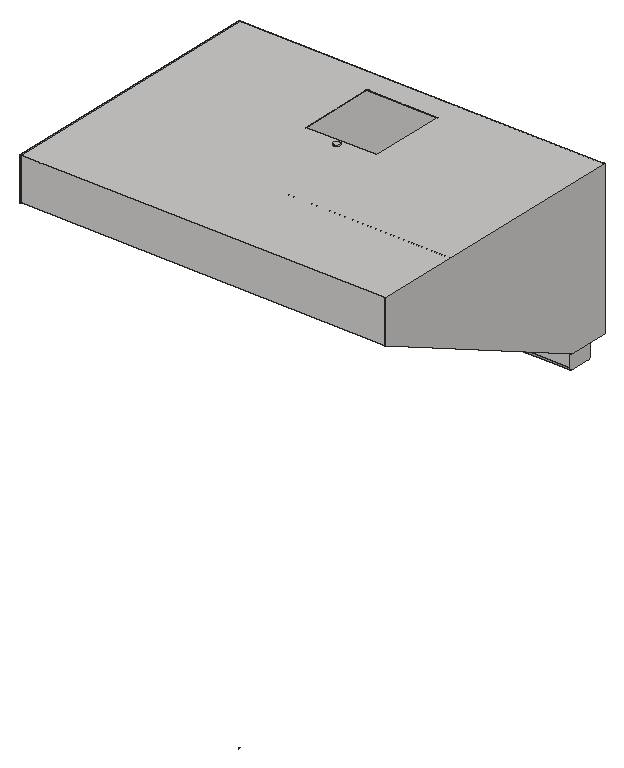
Revit family "QF_ELECTROLUXPROFESSIONAL_644183_AMPV912BT", category Specialty Equipment, Revit 2014
Reference planes
  plane 1: z = 0
  plane 2 "Center (Left/Right)": x = 150
  plane 3 "LEFT": x = -450
  plane 4 "RIGHT": x = 750
  plane 5 "BACK": y = 550
  plane 6 "Plane": z = 2000
  plane 7 "TOP": z = 2140
  plane 8 "Base": z = 1640
  plane 9: z = 1566
  plane 10 "DrainY": y = 485
  plane 11: x = -447
  plane 12: through (0, 414.509, 1640.8) normal (0, 0.7314, 0.682)
  plane 13: y = 470
  plane 14: y = 220
  plane 15 "DrainX": x = 630
  plane 16: x = 33.5
  plane 17: x = 266.5
  plane 18: x = 747
  plane 19: x = 540
  plane 20: x = 720
  plane 21: x = -410
  plane 22: x = 710
  plane 23: x = -47.5
  plane 24: x = 347.5
  plane 25 "FRONT": y = -350
  plane 26 "Center (Front/Back)": y = 100
  plane 27: y = 200
Forms (mm)
  Extrusion 1, solid, material "QF_Finishes_Stainless Steel"
    sketch origin (-450, 0, 0) x (0, 1, 0) y (0, 0, 1)
      loop
        line (550, 1640) -> (550, 2140) -> (-350, 2140) -> (-350, 1998.736) -> (413.973, 1640) -> (550, 1640)
    from 0 to 3
  Extrusion 2, solid, material "QF_Finishes_Stainless Steel"
    sketch origin (150, 0, 0) x (0, 1, 0) y (0, 0, 1)
      loop
        line (415.255, 1640) -> (550, 1640) -> (550, 2139.19) -> (549.2, 2139.19) -> (549.2, 1640.8) -> (415.876, 1640.8) -> (339.347, 1722.867) -> (349.609, 1732.436) -> (348.927, 1733.167) -> (337.934, 1722.917) -> (415.255, 1640)
      loop
        line (-82.203, 2139.19) -> (-82.203, 2118.6) -> (-31.047, 2118.6) -> (34.354, 2048.466) -> (46.028, 2059.352) -> (45.346, 2060.083) -> (34.403, 2049.879) -> (-30.612, 2119.6) -> (-81.203, 2119.6) -> (-81.203, 2139.19) -> (-82.203, 2139.19)
    from -597 to 597
  Extrusion 3, solid, material "QF_Finishes_Stainless Steel"
    sketch origin (750, 0, 0) x (0, 1, 0) y (0, 0, 1)
      loop
        line (550, 1640) -> (550, 2140) -> (-350, 2140) -> (-350, 1998.736) -> (413.973, 1640) -> (550, 1640)
    from 0 to -3
  Extrusion 4, solid, material "QF_Finishes_Stainless Steel"
    sketch origin (150, 0, 0) x (0, 1, 0) y (0, 0, 1)
      loop
        line (-350, 2140) -> (-350, 2000) -> (-349.2, 2000) -> (-349.2, 2139.19) -> (550, 2139.19) -> (550, 2140) -> (-350, 2140)
    from -600 to 600
  Extrusion 5, solid, material "QF_Finishes_Stainless Steel"
    sketch origin (150, 0, 0) x (0, 1, 0) y (0, 0, 1)
      loop
        line (534, 1640) -> (436, 1640) -> (436, 1627) -> (443.5, 1627) -> (443.5, 1576)
        arc (443.5, 1576) -> (446.429, 1568.929) -> (453.5, 1566) r 10
        line (453.5, 1566) -> (516.5, 1566)
        arc (516.5, 1566) -> (523.571, 1568.929) -> (526.5, 1576) r 10
        line (526.5, 1576) -> (526.5, 1627) -> (534, 1627) -> (534, 1640)
    from 390 to 570
  Extrusion 6, solid, material "QF_Finishes_Stainless Steel"
    sketch origin (0, 0, 1640) x (0, 1, 0) y (-1, 0, 0)
      loop
        circle (485, -630) r 20
    from -76 to -74
  Extrusion 7, solid, material "QF_Finished_Chrome"
    sketch origin (150, 0, 0) x (0, 1, 0) y (0, 0, 1)
      loop
        line (337.934, 1722.917) -> (341.591, 1726.327) -> (38.011, 2051.876) -> (34.354, 2048.466) -> (337.934, 1722.917)
    from -197.5 to -560
  Extrusion 8, solid, material "QF_Finishes_Stainless Steel"
    sketch origin (150, 0, 0) x (0, 1, 0) y (0, 0, 1)
      loop
        line (337.934, 1722.917) -> (341.591, 1726.327) -> (38.011, 2051.876) -> (34.354, 2048.466) -> (337.934, 1722.917)
    from 597 to 560
  Extrusion 9, solid, material "QF_Finished_Chrome"
    sketch origin (150, 0, 0) x (0, 1, 0) y (0, 0, 1)
      loop
        line (341.588, 1726.324) -> (38.009, 2051.874) -> (34.354, 2048.466) -> (337.934, 1722.917) -> (341.588, 1726.324)
    from 197.5 to 560
  Extrusion 10, void
    sketch origin (0, 0, 2140) x (0, 1, 0) y (-1, 0, 0)
      loop
        line (470, -266.5) -> (470, -33.5) -> (220, -33.5) -> (220, -266.5) -> (470, -266.5)
    from 0 to -10
  Extrusion 11, solid, material "QF_Finishes_Stainless Steel"
    sketch origin (0, 0, 0) x (1, 0, 0) y (0, 1, 0)
      loop
        line (-450, 550) -> (-450, 549) -> (-449, 549) -> (-449, 550) -> (-450, 550)
    from 0 to 1
  Extrusion 12, solid, material "QF_Finishes_Stainless Steel"
    sketch origin (150, 0, 0) x (0, 1, 0) y (0, 0, 1)
      loop
        line (337.934, 1722.917) -> (341.591, 1726.327) -> (38.011, 2051.876) -> (34.354, 2048.466) -> (337.934, 1722.917)
    from -560 to -597
  Extrusion 13, solid, material "QF_Finishes_Stainless Steel"
    sketch origin (150, 0, 0) x (0, 1, 0) y (0, 0, 1)
      loop
        line (337.934, 1722.917) -> (341.591, 1726.327) -> (38.011, 2051.876) -> (34.354, 2048.466) -> (337.934, 1722.917)
    from 197.5 to -197.5
  Extrusion 14, solid, material "QF_Finishes_Stainless Steel"
    sketch origin (0, 0, 2140) x (0, 1, 0) y (-1, 0, 0)
      loop
        circle (200, -150) r 10
    from 0 to 1.6
Cuts and joins
  Extrusion 10 cuts Extrusion 4
  joined: Extrusion 2, Extrusion 4
Lines and regions (mm)
  reference lines
    curve 1: line (150, 34.354, 2048.466) -> (150, 34.354, 1888.466)
  symbolic lines, style "SpecialityEquipment", detail levels coarse
    curve 2: line (750, 550, 2140) -> (-450, 550, 2140)
    curve 3: line (-450, 550, 2140) -> (-450, -350, 2140)
    curve 4: line (750, -350, 2140) -> (750, 550, 2140)
    curve 5: line (-450, -350, 2140) -> (750, -350, 2140)
    curve 6: line (266.5, 220, 2140) -> (33.5, 220, 2140)
    curve 7: line (266.5, 470, 2140) -> (266.5, 220, 2140)
    curve 8: line (33.5, 470, 2140) -> (266.5, 470, 2140)
    curve 9: line (33.5, 220, 2140) -> (33.5, 470, 2140)
    curve 10: line (-450, 550, 0) -> (750, -350, 0)
    curve 11: line (750, 550, 0) -> (-450, -350, 0)
Dimensions and locks
  plane 3 "LEFT" to plane 4 "RIGHT" = 1200 mm
  equal spacing: plane 3 "LEFT", plane 2 "Center (Left/Right)", plane 4 "RIGHT"
  locked: plane 6 "Plane" to level at 2000
  plane 7 "TOP" to plane 6 "Plane" = 140 mm
  locked: plane 7 "TOP" to plane 8 "Base" at 500
  plane 8 "Base" to plane 9 = 74 mm
  plane 5 "BACK" to plane 10 "DrainY" = 65 mm  (x2)
  plane 3 "LEFT" to plane 11 = 3 mm
  plane 5 "BACK" to plane 13 = 80 mm
  plane 13 to plane 14 = 250 mm  (x2)
  plane 15 "DrainX" to plane 4 "RIGHT" = 120 mm
  plane 18 to plane 4 "RIGHT" = 3 mm
  locked: plane 19 to plane 15 "DrainX" at 90
  locked: plane 15 "DrainX" to plane 20 at 90
  plane 13 to plane 5 "BACK" = 80 mm
  locked: plane 3 "LEFT" to plane 21 at 40
  locked: plane 22 to plane 4 "RIGHT" at 40
  locked: plane 23 to plane 24 at 395
  equal spacing: plane 23, plane 2 "Center (Left/Right)", plane 24
  locked: plane 16 to plane 17 at 233
  equal spacing: plane 16, plane 2 "Center (Left/Right)", plane 17
  plane 5 "BACK" to plane 25 "FRONT" = 900 mm  (x2)
  equal spacing: plane 5 "BACK", plane 26 "Center (Front/Back)", plane 25 "FRONT"
  plane 14 to plane 27 = 20 mm
  aligned and locked: level to plane 1
  aligned and locked: Extrusion 2 to Extrusion 1
  aligned and locked: Extrusion 2 to Extrusion 3
  aligned and locked: plane 4 "RIGHT" to Extrusion 4
  aligned and locked: Extrusion 4 to plane 3 "LEFT"
  aligned and locked: plane 18 to Extrusion 8
  aligned and locked: Extrusion 10 to plane 16
  aligned and locked: Extrusion 10 to plane 14
  aligned and locked: Extrusion 10 to plane 13
  aligned and locked: Extrusion 2 to Extrusion 4
  aligned and locked: plane 20 to Extrusion 5
  aligned and locked: Extrusion 5 to plane 19
  aligned and locked: Extrusion 8 to plane 22
  aligned and locked: Extrusion 9 to plane 22
  aligned and locked: Extrusion 7 to plane 21
  aligned and locked: Extrusion 12 to plane 11
  aligned and locked: plane 21 to Extrusion 12
  aligned and locked: Extrusion 3 to plane 18
  aligned and locked: Extrusion 10 to plane 17
  aligned and locked: plane 17 to curve 7
  aligned and locked: plane 24 to Extrusion 13
  aligned and locked: Extrusion 13 to plane 23
  aligned and locked: Extrusion 9 to plane 24
Automatic sketch dimensions
  curve 5 to plane 4 "RIGHT" = 0 mm
  curve 6 to plane 14 = 0 mm
  plane 13 to curve 8 = 0 mm
  curve 3 to plane 3 "LEFT" = 0 mm
  curve 3 to plane 5 "BACK" = 0 mm
  curve 6 to plane 16 = 0 mm
  Extrusion 2 sketch curve to plane 12 = 0 mm  (x3)
  Extrusion 2 sketch curve to plane 8 "Base" = 0 mm
  plane 12 to Extrusion 2 sketch curve = 0 mm
  Extrusion 2 sketch curve to plane 5 "BACK" = 0 mm
  Extrusion 2 sketch curve to Extrusion 2 sketch curve = 65.646 mm
  Extrusion 2 sketch curve to Extrusion 2 sketch curve = 0.682 mm  (x2)
  Extrusion 2 sketch curve to Extrusion 2 sketch curve = 10.261 mm
  plane 8 "Base" to Extrusion 2 sketch curve = 82.917 mm
  Extrusion 2 sketch curve to Extrusion 2 sketch curve = 10.942 mm
  Extrusion 2 sketch curve to Extrusion 2 sketch curve = 0.049 mm
  Extrusion 2 sketch curve to plane 7 "TOP" = 20.4 mm
  Extrusion 2 sketch curve to plane 7 "TOP" = 21.4 mm
  Extrusion 2 sketch curve to plane 7 "TOP" = 0.81 mm  (x2)
  Extrusion 2 sketch curve to Extrusion 2 sketch curve = 50.156 mm
  Extrusion 2 sketch curve to Extrusion 2 sketch curve = 1 mm
  plane 8 "Base" to Extrusion 2 sketch curve = 0.8 mm
  Extrusion 2 sketch curve to plane 5 "BACK" = 0.8 mm
  Extrusion 4 sketch curve to plane 6 "Plane" = 0 mm
  Extrusion 4 sketch curve to plane 5 "BACK" = 0 mm
  Extrusion 4 sketch curve to plane 7 "TOP" = 0 mm
  Extrusion 4 sketch curve to plane 7 "TOP" = 0.81 mm
  curve 1 to plane 12 = 0 mm
  curve 1 to plane 6 "Plane" = 111.534 mm
  Extrusion 5 sketch curve to plane 8 "Base" = 0 mm
  Extrusion 5 sketch curve to plane 9 = 0 mm
  Extrusion 5 sketch curve to plane 8 "Base" = 13 mm  (x2)
  plane 13 to Extrusion 5 sketch curve = 34 mm
  Extrusion 5 sketch curve to Extrusion 5 sketch curve = 7.5 mm  (x2)
  Extrusion 5 sketch curve to Extrusion 5 sketch curve = 10 mm
  plane 10 "DrainY" to Extrusion 5 sketch curve = 31.5 mm
  Extrusion 5 sketch curve to plane 5 "BACK" = 23.5 mm
  Extrusion 6 sketch curve to plane 10 "DrainY" = 0 mm
  Extrusion 6 sketch curve to plane 15 "DrainX" = 0 mm
  Extrusion 7 sketch curve to plane 12 = 0 mm  (x2)
  Extrusion 7 sketch curve to Extrusion 7 sketch curve = 3.657 mm
  plane 8 "Base" to Extrusion 7 sketch curve = 82.917 mm
  Extrusion 8 sketch curve to plane 12 = 0 mm  (x2)
  Extrusion 8 sketch curve to Extrusion 8 sketch curve = 3.657 mm
  plane 8 "Base" to Extrusion 8 sketch curve = 82.917 mm
  Extrusion 9 sketch curve to plane 12 = 0 mm  (x2)
  Extrusion 9 sketch curve to Extrusion 9 sketch curve = 3.655 mm
  plane 8 "Base" to Extrusion 9 sketch curve = 82.917 mm
  Extrusion 10 sketch curve to plane 14 = 0 mm
  plane 13 to Extrusion 10 sketch curve = 0 mm
  Extrusion 10 sketch curve to plane 17 = 0 mm
  Extrusion 10 sketch curve to plane 16 = 0 mm
  Extrusion 11 sketch curve to plane 3 "LEFT" = 0 mm
  Extrusion 11 sketch curve to plane 5 "BACK" = 0 mm
  plane 3 "LEFT" to Extrusion 11 sketch curve = 1 mm
  Extrusion 11 sketch curve to Extrusion 11 sketch curve = 1 mm
  Extrusion 12 sketch curve to plane 12 = 0 mm  (x2)
  Extrusion 12 sketch curve to Extrusion 12 sketch curve = 3.657 mm
  plane 8 "Base" to Extrusion 12 sketch curve = 82.917 mm
  Extrusion 13 sketch curve to plane 12 = 0 mm  (x2)
  Extrusion 13 sketch curve to Extrusion 13 sketch curve = 3.657 mm
  plane 8 "Base" to Extrusion 13 sketch curve = 82.917 mm
  Extrusion 4 sketch curve to Extrusion 4 sketch curve = 0.8 mm
  curve 5 to plane 14 = 570 mm
  plane 6 "Plane" to Extrusion 2 sketch curve = 48.466 mm
  Extrusion 4 sketch curve to plane 14 = 569.2 mm
  curve 1 to plane 14 = 185.646 mm
  plane 6 "Plane" to Extrusion 7 sketch curve = 51.876 mm
  plane 6 "Plane" to Extrusion 8 sketch curve = 51.876 mm
  plane 6 "Plane" to Extrusion 9 sketch curve = 51.874 mm
  plane 6 "Plane" to Extrusion 12 sketch curve = 51.876 mm
  plane 6 "Plane" to Extrusion 13 sketch curve = 51.876 mm
  Extrusion 3 sketch curve to plane 7 "TOP" = 0 mm
  Extrusion 3 sketch curve to plane 8 "Base" = 0 mm
  Extrusion 3 sketch curve to plane 5 "BACK" = 0 mm
  Extrusion 3 sketch curve to plane 25 "FRONT" = 0 mm
  plane 13 to Extrusion 3 sketch curve = 56.027 mm
  Extrusion 3 sketch curve to plane 6 "Plane" = 1.264 mm
  Extrusion 1 sketch curve to plane 7 "TOP" = 0 mm
  Extrusion 1 sketch curve to plane 8 "Base" = 0 mm
  Extrusion 1 sketch curve to plane 12 = 0.937 mm
  Extrusion 1 sketch curve to plane 5 "BACK" = 0 mm
  Extrusion 1 sketch curve to plane 25 "FRONT" = 0 mm
  Extrusion 1 sketch curve to plane 6 "Plane" = 1.264 mm
  curve 11 to plane 3 "LEFT" = 0 mm
  curve 10 to plane 3 "LEFT" = 0 mm
  curve 11 to plane 4 "RIGHT" = 0 mm
  curve 10 to plane 4 "RIGHT" = 0 mm
  curve 10 to plane 25 "FRONT" = 0 mm
  curve 11 to plane 25 "FRONT" = 0 mm
  curve 11 to plane 5 "BACK" = 0 mm
  curve 10 to plane 5 "BACK" = 0 mm
  Extrusion 14 sketch curve to plane 2 "Center (Left/Right)" = 0 mm
  Extrusion 14 sketch curve to plane 27 = 0 mm
  radius of Extrusion 6 sketch curve = 20 mm
  radius of Extrusion 14 sketch curve = 10 mm
Connectors
  piping at (630, 485, 1564), diameter 20
    settings: on Extrusion 6, index 1, connector inside diameter 609.6 mm, connector length 0 mm, flow factor 0, pipe flow 0.0 L/s, pressure drop 0.0 Pa, fitting loss kfactor 0, connector angle 0.00°, fixture units 0, engagement length 0 mm, angle of deflection 0.00°, flow configuration 1, flow direction 2, fitting loss method 0, system type 16, joint type 0, gender type 0, connector reference index -1, connector utility 0, adjustable connector no, is connector primary yes, connector description "Drain"
  hvac at (150, 345, 2140)
    settings: on Extrusion 10, index 2, duct flow 0.0 L/s, flow factor 0, pres drop 0.0 Pa, loss coef 0, conn angle 0.00°, conn width 250 mm, conn height 233 mm, conn diameter 609.6 mm, duct sys type 3, conn prof type 1, flow config 0, flow direction 2, loss method 0, conn ref index -1, conn util no, is conn primary yes, conn desc "EXHAUST OUTLET"
  electrical at (150, 200, 2141.6)
    settings: on Extrusion 14, index 3, voltage 0 V, apparent load 0 VA, apparent load phase1 0 VA, apparent load phase2 0 VA, apparent load phase3 0 VA, power factor 1, load classification "Other", number of poles 1, system type 30, power factor state 1, is connector primary yes, connector utility no, sub classification motor no, connector description "Electrical Connection"
